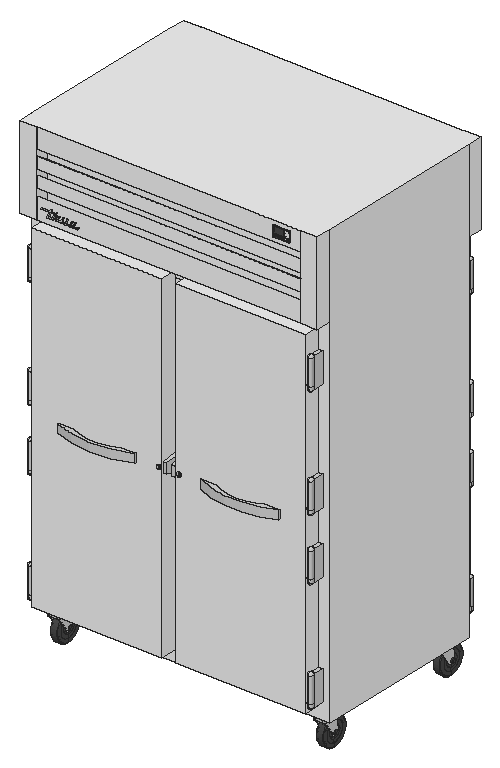
Revit family (continued)
Lines and regions (in)
  symbolic lines
    curve 29: arc (9.29375, 0, 0) -> (13.69375, 1.15816, 0) -> (18.09375, 0, 0) r 8.93715
    curve 30: arc (32.2875, 0.2, 0) -> (39.0875, 1.64405, 0) -> (45.8875, 0.2, 0) r 16.7325
    curve 31: line (32.2875, 0, 0) -> (32.2875, 0.2, 0)
    curve 32: line (45.8875, 0.2, 0) -> (45.8875, 0, 0)
    curve 33: arc (43.4875, 0, 0) -> (39.0875, 1.15816, 0) -> (34.6875, 0, 0) r 8.93715
    curve 38: arc (20.65, -36.325, 0) -> (13.69375, -37.83316, 0) -> (6.7375, -36.325, 0) r 16.7966
    curve 39: line (20.65, -36.125, 0) -> (20.65, -36.325, 0)
    curve 40: line (6.7375, -36.325, 0) -> (6.7375, -36.125, 0)
    curve 41: arc (9.1375, -36.125, 0) -> (13.69375, -37.36111, 0) -> (18.25, -36.125, 0) r 9.0151
    curve 42: arc (32.225, -36.325, 0) -> (39.12789, -37.76874, 0) -> (46.0125, -36.24022, 0) r 16.7325
    curve 43: line (32.225, -36.125, 0) -> (32.225, -36.325, 0)
    curve 44: line (46.0125, -36.24022, 0) -> (46.0125, -36.125, 0)
    curve 45: arc (43.425, -36.125, 0) -> (39.025, -37.28316, 0) -> (34.625, -36.125, 0) r 8.93715
    curve 46: line (52.625, -2.25, 0) -> (0, -2.25, 0)
  symbolic lines, style "SpecialityEquipmentHiddenLines", visible <- "Show Casters"
    curve 6: line (3.60602, -26.67571, 0) -> (5.06131, -27.42571, 0)
    curve 7: line (1.20097, -31.34243, 0) -> (3.60602, -26.67571, 0)
    curve 8: line (2.65626, -32.09243, 0) -> (1.20097, -31.34243, 0)
    curve 9: line (5.06131, -27.42571, 0) -> (2.65626, -32.09243, 0)
    curve 10: line (3.98222, -3.1708, 0) -> (5.43751, -4.09689, 0)
    curve 11: line (1.20097, -7.54134, 0) -> (3.98222, -3.1708, 0)
    curve 12: line (2.65626, -8.46743, 0) -> (1.20097, -7.54134, 0)
    curve 13: line (5.43751, -4.09689, 0) -> (2.65626, -8.46743, 0)
    curve 14: line (50.00722, -3.1708, 0) -> (51.30626, -3.9208, 0)
    curve 15: line (47.38222, -7.71743, 0) -> (50.00722, -3.1708, 0)
    curve 16: line (48.68126, -8.46743, 0) -> (47.38222, -7.71743, 0)
    curve 17: line (51.30626, -3.9208, 0) -> (48.68126, -8.46743, 0)
    curve 18: line (50.00722, -26.89987, 0) -> (51.30626, -27.64987, 0)
    curve 19: line (47.38222, -31.44651, 0) -> (50.00722, -26.89987, 0)
    curve 20: line (48.68126, -32.19651, 0) -> (47.38222, -31.44651, 0)
    curve 21: line (51.30626, -27.64987, 0) -> (48.68126, -32.19651, 0)
  symbolic lines, style "QF-Door Swings", visible <- "Show Clearance", detail levels coarse
    curve 22: line (50.53125, -36.125, 0) -> (50.53125, -59.0625, 0)
    curve 23: arc (50.53125, -59.0625, 0) -> (34.31199, -52.34426, 0) -> (27.59375, -36.125, 0) r 22.9375
    curve 24: line (2.25, -36.125, 0) -> (2.25, -59.0625, 0)
    curve 25: arc (2.25, -59.0625, 0) -> (18.46926, -52.34426, 0) -> (25.1875, -36.125, 0) r 22.9375
    curve 34: line (50.53125, 0, 0) -> (50.53125, 22.9375, 0)
    curve 35: arc (50.53125, 22.9375, 0) -> (34.31199, 16.21926, 0) -> (27.59375, 0, 0) r 22.9375
    curve 36: line (2.25, 0, 0) -> (2.25, 22.9375, 0)
    curve 37: arc (2.25, 22.9375, 0) -> (18.46926, 16.21926, 0) -> (25.1875, 0, 0) r 22.9375
Dimensions and locks (in)
  "Depth": plane 5 "FRONT" to plane 1 "BACK"
  plane 7 to level = 6 1/8"
  plane 6 "TOP" to level = 84 1/8"
  plane 6 "TOP" to plane 7 = 78"
  "Length": plane 3 "LEFT" to plane 4 "RIGHT"
  plane 4 "RIGHT" to plane 10 to plane 9 to plane 3 "LEFT" = 2 11/16", 46 15/16", 3"
  plane 4 "RIGHT" to plane 3 "LEFT" = 52 5/8"  (x4)
  equal spacing: plane 3 "LEFT", plane 12, plane 4 "RIGHT"
  equal spacing: plane 1 "BACK", plane 14, plane 5 "FRONT"
  cut or joined group of Extrusion 1, Extrusion 2, Extrusion 3, Extrusion 4, Extrusion 5 to cut or joined group of Extrusion 1, Extrusion 2, Extrusion 3, Extrusion 4, Extrusion 5 = 52 15/32"  (x2)
  Extrusion 92 to Extrusion 92 = 22 15/16"  (x2)
  Extrusion 94 to Extrusion 92 = 29 7/32"
  Extrusion 92 to Extrusion 94 = 29 7/32"
  Extrusion 92 to Extrusion 93 = 29 7/32"
  Extrusion 93 to Extrusion 92 = 29 7/32"
  Extrusion 60 to Extrusion 60 = 22 15/16"  (x2)
  Extrusion 60 to Extrusion 88 = 29 7/32"
  Extrusion 88 to Extrusion 60 = 29 7/32"
  Extrusion 60 to Extrusion 89 = 29 7/32"
  Extrusion 89 to Extrusion 60 = 29 7/32"
  aligned and locked: level to plane 2
Automatic sketch dimensions
  Extrusion 1 sketch curve to plane 3 "LEFT" = 0"
  Extrusion 1 sketch curve to plane 9 = 19/32"
  Extrusion 1 sketch curve to plane 5 "FRONT" = 2 3/4"
  plane 1 "BACK" to Extrusion 1 sketch curve = 2 3/4"
  Extrusion 2 sketch curve to plane 4 "RIGHT" = 0"
  plane 10 to Extrusion 2 sketch curve = 7/16"
  Extrusion 2 sketch curve to plane 5 "FRONT" = 2 3/4"
  plane 1 "BACK" to Extrusion 2 sketch curve = 2 3/4"
  Extrusion 3 sketch curve to plane 11 = 0"  (x4)
  Extrusion 3 sketch curve to plane 13 = 0"  (x4)
  Extrusion 3 sketch curve to plane 6 "TOP" = 0"
  plane 11 to Extrusion 3 sketch curve = 2.2042"
  Extrusion 3 sketch curve to Extrusion 3 sketch curve = 0"  (x3)
  Extrusion 3 sketch curve to plane 7 = 0"
  plane 11 to Extrusion 3 sketch curve = 2.7042"  (x2)
  plane 13 to Extrusion 3 sketch curve = 2.7042"  (x2)
  plane 13 to Extrusion 3 sketch curve = 2.2042"  (x2)
  plane 7 to Extrusion 3 sketch curve = 2 29/32"
  Extrusion 3 sketch curve to plane 6 "TOP" = 17 5/32"
  Extrusion 3 sketch curve to Extrusion 3 sketch curve = 2 17/32"  (x2)
  Extrusion 3 sketch curve to Extrusion 3 sketch curve = 2 1/8"  (x2)
  Extrusion 3 sketch curve to Extrusion 3 sketch curve = 1.27557"  (x4)
  Extrusion 3 sketch curve to Extrusion 3 sketch curve = 0.29169"  (x2)
  Extrusion 3 sketch curve to Extrusion 3 sketch curve = 2.0962"  (x4)
  Extrusion 3 sketch curve to Extrusion 3 sketch curve = 0.96076"  (x4)
  Extrusion 3 sketch curve to Extrusion 3 sketch curve = 2.13371"  (x4)
  Extrusion 3 sketch curve to Extrusion 3 sketch curve = 1.12227"  (x4)
  plane 1 "BACK" to Extrusion 4 sketch curve = 0"
  plane 5 "FRONT" to Extrusion 4 sketch curve = 0"
  Extrusion 4 sketch curve to plane 10 = 0.27718"  (x2)
  Extrusion 4 sketch curve to plane 4 "RIGHT" = 5/64"  (x2)
  Extrusion 4 sketch curve to plane 5 "FRONT" = 2 3/4"
  Extrusion 4 sketch curve to Extrusion 4 sketch curve = 2 3/4"
  plane 1 "BACK" to Extrusion 5 sketch curve = 0"
  plane 5 "FRONT" to Extrusion 5 sketch curve = 0"
  plane 3 "LEFT" to Extrusion 5 sketch curve = 5/64"  (x2)
  plane 9 to Extrusion 5 sketch curve = 0.08484"  (x2)
  Extrusion 5 sketch curve to plane 5 "FRONT" = 2 3/4"
  Extrusion 5 sketch curve to Extrusion 5 sketch curve = 2 3/4"
  Extrusion 6 sketch curve to plane 12 = 1 181/256"
  Extrusion 6 sketch curve to Extrusion 6 sketch curve = 9/256"
  Extrusion 6 sketch curve to Extrusion 6 sketch curve = 0.0555"  (x2)
  Extrusion 6 sketch curve to plane 8 = 1.85465"
  Extrusion 6 sketch curve to Extrusion 6 sketch curve = 0.02035"
  plane 7 to Extrusion 6 sketch curve = 31.64395"
  Extrusion 6 sketch curve to Extrusion 6 sketch curve = 0"
  Extrusion 6 sketch curve to Extrusion 6 sketch curve = 0.29355"  (x2)
  Extrusion 6 sketch curve to Extrusion 6 sketch curve = 0.27385"  (x2)
  plane 9 to Extrusion 7 sketch curve = 0.84582"
  Extrusion 7 sketch curve to Extrusion 7 sketch curve = 0.10565"  (x5)
  Extrusion 7 sketch curve to Extrusion 7 sketch curve = 1.03891"
  Extrusion 7 sketch curve to Extrusion 7 sketch curve = 0.04606"
  Extrusion 7 sketch curve to Extrusion 7 sketch curve = 0.04025"
  Extrusion 7 sketch curve to Extrusion 7 sketch curve = 0.33624"
  Extrusion 7 sketch curve to Extrusion 7 sketch curve = 0.03034"  (x2)
  Extrusion 7 sketch curve to Extrusion 7 sketch curve = 0.29274"
  Extrusion 7 sketch curve to Extrusion 7 sketch curve = 0.03232"
  Extrusion 7 sketch curve to Extrusion 7 sketch curve = 0.08083"
  Extrusion 7 sketch curve to Extrusion 7 sketch curve = 0.1527"
  Extrusion 7 sketch curve to Extrusion 7 sketch curve = 0.19721"
  Extrusion 7 sketch curve to Extrusion 7 sketch curve = 0.4629"
  Extrusion 7 sketch curve to Extrusion 7 sketch curve = 0.02197"
  Extrusion 7 sketch curve to Extrusion 7 sketch curve = 0.12632"
  Extrusion 7 sketch curve to Extrusion 7 sketch curve = 0.18591"
  Extrusion 7 sketch curve to Extrusion 7 sketch curve = 0.2322"
  Extrusion 7 sketch curve to Extrusion 7 sketch curve = 0.13786"
  Extrusion 7 sketch curve to Extrusion 7 sketch curve = 0.00907"
  Extrusion 7 sketch curve to Extrusion 7 sketch curve = 0.01413"
  Extrusion 7 sketch curve to Extrusion 7 sketch curve = 0.37162"
  Extrusion 7 sketch curve to Extrusion 7 sketch curve = 0.12551"
  Extrusion 7 sketch curve to Extrusion 7 sketch curve = 0.07633"
  Extrusion 7 sketch curve to Extrusion 7 sketch curve = 0.08445"
  Extrusion 7 sketch curve to Extrusion 7 sketch curve = 0.25598"
  Extrusion 7 sketch curve to Extrusion 7 sketch curve = 0.01887"
  Extrusion 7 sketch curve to Extrusion 7 sketch curve = 0.04061"
  Extrusion 7 sketch curve to Extrusion 7 sketch curve = 0.0653"
  Extrusion 7 sketch curve to Extrusion 7 sketch curve = 0.08474"
  Extrusion 7 sketch curve to Extrusion 7 sketch curve = 0.00815"
  Extrusion 7 sketch curve to Extrusion 7 sketch curve = 0.22037"
  Extrusion 7 sketch curve to Extrusion 7 sketch curve = 0.21921"
  Extrusion 7 sketch curve to Extrusion 7 sketch curve = 0.11572"
  Extrusion 7 sketch curve to Extrusion 7 sketch curve = 0.46643"
  Extrusion 7 sketch curve to Extrusion 7 sketch curve = 0.00535"
  Extrusion 7 sketch curve to Extrusion 7 sketch curve = 0.09269"
  Extrusion 7 sketch curve to Extrusion 7 sketch curve = 0.09348"
  Extrusion 7 sketch curve to Extrusion 7 sketch curve = 0.14812"
  Extrusion 7 sketch curve to Extrusion 7 sketch curve = 0.07778"  (x3)
  Extrusion 7 sketch curve to Extrusion 7 sketch curve = 0.20054"
  Extrusion 7 sketch curve to Extrusion 7 sketch curve = 0.04325"
  Extrusion 7 sketch curve to Extrusion 7 sketch curve = 0.32433"
  Extrusion 7 sketch curve to Extrusion 7 sketch curve = 0.10233"  (x2)
  Extrusion 7 sketch curve to Extrusion 7 sketch curve = 0.16515"
  Extrusion 7 sketch curve to Extrusion 7 sketch curve = 0.27321"
  Extrusion 7 sketch curve to Extrusion 7 sketch curve = 0.0526"
  Extrusion 7 sketch curve to Extrusion 7 sketch curve = 0.10005"
  Extrusion 7 sketch curve to Extrusion 7 sketch curve = 0.06912"
  Extrusion 7 sketch curve to Extrusion 7 sketch curve = 0.13276"
  Extrusion 7 sketch curve to Extrusion 7 sketch curve = 0.17486"
  Extrusion 7 sketch curve to Extrusion 7 sketch curve = 0.05291"
  Extrusion 7 sketch curve to Extrusion 7 sketch curve = 0.53374"
  Extrusion 7 sketch curve to Extrusion 7 sketch curve = 0.09914"  (x2)
  Extrusion 7 sketch curve to Extrusion 7 sketch curve = 0.15992"
  Extrusion 7 sketch curve to Extrusion 7 sketch curve = 0.46666"
  Extrusion 7 sketch curve to Extrusion 7 sketch curve = 0.00582"
  Extrusion 7 sketch curve to Extrusion 7 sketch curve = 0.08216"
  Extrusion 7 sketch curve to Extrusion 7 sketch curve = 0.16397"
  Extrusion 7 sketch curve to Extrusion 7 sketch curve = 0.12601"
  Extrusion 7 sketch curve to Extrusion 7 sketch curve = 0.1363"
  Extrusion 7 sketch curve to Extrusion 7 sketch curve = 0.02323"
  Extrusion 7 sketch curve to Extrusion 7 sketch curve = 0.03844"
  Extrusion 7 sketch curve to Extrusion 7 sketch curve = 0.0454"
  Extrusion 7 sketch curve to Extrusion 7 sketch curve = 0.05693"
  Extrusion 7 sketch curve to Extrusion 7 sketch curve = 0.0917"
  Extrusion 7 sketch curve to Extrusion 7 sketch curve = 0.01902"
  Extrusion 7 sketch curve to Extrusion 7 sketch curve = 0.02191"
  Extrusion 7 sketch curve to Extrusion 7 sketch curve = 0.0347"
  Extrusion 7 sketch curve to Extrusion 7 sketch curve = 0.06385"
  Extrusion 7 sketch curve to Extrusion 7 sketch curve = 0.02906"
  Extrusion 7 sketch curve to Extrusion 7 sketch curve = 0.02851"
  Extrusion 7 sketch curve to Extrusion 7 sketch curve = 0.29237"
  Extrusion 7 sketch curve to Extrusion 7 sketch curve = 0.00537"
  Extrusion 7 sketch curve to Extrusion 7 sketch curve = 0.0406"
  Extrusion 7 sketch curve to Extrusion 7 sketch curve = 0.04327"
  Extrusion 7 sketch curve to Extrusion 7 sketch curve = 0.02615"
  Extrusion 7 sketch curve to Extrusion 7 sketch curve = 0.11806"
  Extrusion 7 sketch curve to Extrusion 7 sketch curve = 0.15103"
  Extrusion 7 sketch curve to Extrusion 7 sketch curve = 0.10007"
  Extrusion 7 sketch curve to Extrusion 7 sketch curve = 0.5254"
  Extrusion 7 sketch curve to Extrusion 7 sketch curve = 0.14787"
  Extrusion 7 sketch curve to plane 6 "TOP" = 13.64562"
  Extrusion 7 sketch curve to Extrusion 7 sketch curve = 0.07275"
  Extrusion 7 sketch curve to Extrusion 7 sketch curve = 0.05776"
  Extrusion 7 sketch curve to Extrusion 7 sketch curve = 0.08631"
  Extrusion 7 sketch curve to Extrusion 7 sketch curve = 0.09282"
  Extrusion 7 sketch curve to Extrusion 7 sketch curve = 0.13018"
  Extrusion 7 sketch curve to Extrusion 7 sketch curve = 0.16714"
  Extrusion 7 sketch curve to Extrusion 7 sketch curve = 0.11061"
  Extrusion 7 sketch curve to Extrusion 7 sketch curve = 0.06046"
  Extrusion 7 sketch curve to Extrusion 7 sketch curve = 0.16548"
  Extrusion 7 sketch curve to Extrusion 7 sketch curve = 0.14279"
  Extrusion 7 sketch curve to Extrusion 7 sketch curve = 0.0496"
  Extrusion 7 sketch curve to Extrusion 7 sketch curve = 0.07293"
  Extrusion 7 sketch curve to Extrusion 7 sketch curve = 0.07764"
  Extrusion 7 sketch curve to Extrusion 7 sketch curve = 0.03794"
  Extrusion 7 sketch curve to Extrusion 7 sketch curve = 0.08552"
  Extrusion 7 sketch curve to Extrusion 7 sketch curve = 0.09296"
  Extrusion 7 sketch curve to Extrusion 7 sketch curve = 0.09314"
  Extrusion 7 sketch curve to Extrusion 7 sketch curve = 0.02781"
  Extrusion 7 sketch curve to Extrusion 7 sketch curve = 0.04981"
  Extrusion 7 sketch curve to Extrusion 7 sketch curve = 0.09315"
  Extrusion 7 sketch curve to Extrusion 7 sketch curve = 0.04799"
  Extrusion 7 sketch curve to Extrusion 7 sketch curve = 0.02531"
  Extrusion 7 sketch curve to Extrusion 7 sketch curve = 0.03054"
  Extrusion 7 sketch curve to Extrusion 7 sketch curve = 0.2589"
  Extrusion 7 sketch curve to Extrusion 7 sketch curve = 0.0674"
  Extrusion 7 sketch curve to Extrusion 7 sketch curve = 0.0324"
  Extrusion 7 sketch curve to Extrusion 7 sketch curve = 0.26185"
  Extrusion 7 sketch curve to Extrusion 7 sketch curve = 11/256"
  Extrusion 7 sketch curve to Extrusion 7 sketch curve = 0.07366"
  Extrusion 7 sketch curve to Extrusion 7 sketch curve = 0.02187"
  Extrusion 7 sketch curve to Extrusion 7 sketch curve = 0.06479"
  Extrusion 7 sketch curve to Extrusion 7 sketch curve = 0.01183"
  Extrusion 7 sketch curve to Extrusion 7 sketch curve = 0.05778"
  Extrusion 7 sketch curve to Extrusion 7 sketch curve = 0.53375"
  Extrusion 7 sketch curve to Extrusion 7 sketch curve = 0.23098"
  Extrusion 7 sketch curve to Extrusion 7 sketch curve = 0"
  Extrusion 7 sketch curve to Extrusion 7 sketch curve = 0.05045"
  Extrusion 7 sketch curve to Extrusion 7 sketch curve = 0.09139"
  Extrusion 7 sketch curve to Extrusion 7 sketch curve = 29/128"  (x3)
  Extrusion 8 sketch curve to plane 10 = 13/32"
  Extrusion 8 sketch curve to plane 6 "TOP" = 2 1/8"
  Blend 9 sketch curve to plane 12 = 1 1/8"  (x2)
  Blend 9 sketch curve to plane 12 = 3/8"
  plane 7 to Blend 9 sketch curve = 31.11669"
  Blend 9 sketch curve to Blend 9 sketch curve = 1 3/4"
  Blend 9 sketch curve to plane 12 = 0.19277"
  plane 7 to Blend 9 sketch curve = 30.5191"
  Blend 9 sketch curve to Blend 9 sketch curve = 2.78233"
  Blend 10 sketch curve to plane 8 = 1 9/32"
  Blend 10 sketch curve to plane 8 = 17/32"
  plane 7 to Blend 10 sketch curve = 32.86669"
  Blend 10 sketch curve to Blend 10 sketch curve = 1 3/4"
  plane 8 to Blend 10 sketch curve = 1 9/32"
  plane 8 to Blend 10 sketch curve = 0.34902"
  Blend 10 sketch curve to plane 7 = 30.5191"
  Blend 10 sketch curve to Blend 10 sketch curve = 2.78233"
  Extrusion 11 sketch curve to plane 5 "FRONT" = 1/2"
  Extrusion 11 sketch curve to Extrusion 11 sketch curve = 0.43503"
  Extrusion 11 sketch curve to Extrusion 11 sketch curve = 0.20453"
  Extrusion 11 sketch curve to Extrusion 11 sketch curve = 1.61044"
  Extrusion 11 sketch curve to plane 6 "TOP" = 24.88873"
  Extrusion 11 sketch curve to Extrusion 11 sketch curve = 0.71221"
  Extrusion 11 sketch curve to Extrusion 11 sketch curve = 4.39928"
  Revolve 12 sketch curve to plane 5 "FRONT" = 0.07771"  (x2)
  Revolve 12 sketch curve to Revolve 12 sketch curve = 0.38242"
  Revolve 12 sketch curve to Revolve 12 sketch curve = 0.38436"
  Revolve 12 sketch curve to plane 5 "FRONT" = 31/64"
  Revolve 12 sketch curve to Revolve 12 sketch curve = 0.40666"
  Revolve 12 sketch curve to Revolve 12 sketch curve = 0"
  Revolve 12 sketch curve to plane 6 "TOP" = 25.07719"
  Revolve 12 sketch curve to Revolve 12 sketch curve = 0.32931"
  Revolve 12 sketch curve to Revolve 12 sketch curve = 0.51246"
  Revolve 12 sketch curve to Revolve 12 sketch curve = 0.05342"
  Revolve 12 sketch curve to Revolve 12 sketch curve = 4.42889"
  Revolve 12 sketch curve to Revolve 12 sketch curve = 0.04281"
  Revolve 12 sketch curve to Revolve 12 sketch curve = 0.18929"
  Revolve 12 sketch curve to Revolve 12 sketch curve = 0.55526"
  Extrusion 13 sketch curve to plane 9 = 1.14759"
  Extrusion 13 sketch curve to Extrusion 13 sketch curve = 0.39759"
  Extrusion 13 sketch curve to plane 6 "TOP" = 24.12421"
  Extrusion 13 sketch curve to Extrusion 13 sketch curve = 4.47281"
  Extrusion 14 sketch curve to plane 5 "FRONT" = 1/2"
  Extrusion 14 sketch curve to Extrusion 14 sketch curve = 0.43503"
  Extrusion 14 sketch curve to Extrusion 14 sketch curve = 0.20453"
  Extrusion 14 sketch curve to Extrusion 14 sketch curve = 1.61044"
  plane 7 to Extrusion 14 sketch curve = 33.61127"
  Extrusion 14 sketch curve to Extrusion 14 sketch curve = 0.71221"
  Extrusion 14 sketch curve to Extrusion 14 sketch curve = 4.39928"
  Revolve 15 sketch curve to plane 5 "FRONT" = 0.07771"  (x2)
  Revolve 15 sketch curve to Revolve 15 sketch curve = 0.38242"
  Revolve 15 sketch curve to Revolve 15 sketch curve = 0.38436"
  Revolve 15 sketch curve to plane 5 "FRONT" = 31/64"
  Revolve 15 sketch curve to Revolve 15 sketch curve = 0.40666"
  Revolve 15 sketch curve to Revolve 15 sketch curve = 0"
  plane 7 to Revolve 15 sketch curve = 33.42281"
  Revolve 15 sketch curve to Revolve 15 sketch curve = 0.32931"
  Revolve 15 sketch curve to Revolve 15 sketch curve = 0.51246"
  Revolve 15 sketch curve to Revolve 15 sketch curve = 0.05342"
  Revolve 15 sketch curve to Revolve 15 sketch curve = 4.42889"
  Revolve 15 sketch curve to Revolve 15 sketch curve = 0.04281"
  Revolve 15 sketch curve to Revolve 15 sketch curve = 0.18929"
  Revolve 15 sketch curve to Revolve 15 sketch curve = 0.55526"
  Extrusion 16 sketch curve to plane 9 = 1.14759"
  Extrusion 16 sketch curve to Extrusion 16 sketch curve = 0.39759"
  plane 7 to Extrusion 16 sketch curve = 34.37579"
  Extrusion 16 sketch curve to Extrusion 16 sketch curve = 4.47281"
  Extrusion 17 sketch curve to plane 5 "FRONT" = 1/2"
  Extrusion 17 sketch curve to Extrusion 17 sketch curve = 0.43503"
  Extrusion 17 sketch curve to Extrusion 17 sketch curve = 0.20453"
  Extrusion 17 sketch curve to Extrusion 17 sketch curve = 1.61044"
  plane 7 to Extrusion 17 sketch curve = 22.61127"
  Extrusion 17 sketch curve to Extrusion 17 sketch curve = 0.71221"
  Extrusion 17 sketch curve to Extrusion 17 sketch curve = 4.39928"
  Revolve 18 sketch curve to plane 5 "FRONT" = 0.07771"  (x2)
  Revolve 18 sketch curve to Revolve 18 sketch curve = 0.38242"
  Revolve 18 sketch curve to Revolve 18 sketch curve = 0.38436"
  Revolve 18 sketch curve to plane 5 "FRONT" = 31/64"
  Revolve 18 sketch curve to Revolve 18 sketch curve = 0.40666"
  Revolve 18 sketch curve to Revolve 18 sketch curve = 0"
  plane 7 to Revolve 18 sketch curve = 22.42281"
  Revolve 18 sketch curve to Revolve 18 sketch curve = 0.32931"
  Revolve 18 sketch curve to Revolve 18 sketch curve = 0.51246"
  Revolve 18 sketch curve to Revolve 18 sketch curve = 0.05342"
  Revolve 18 sketch curve to Revolve 18 sketch curve = 4.42889"
  Revolve 18 sketch curve to Revolve 18 sketch curve = 0.04281"
  Revolve 18 sketch curve to Revolve 18 sketch curve = 0.18929"
  Revolve 18 sketch curve to Revolve 18 sketch curve = 0.55526"
  Extrusion 19 sketch curve to plane 9 = 1.14759"
  Extrusion 19 sketch curve to Extrusion 19 sketch curve = 0.39759"
  plane 7 to Extrusion 19 sketch curve = 23.37579"
  Extrusion 19 sketch curve to Extrusion 19 sketch curve = 4.47281"
  Extrusion 20 sketch curve to plane 5 "FRONT" = 1/2"
  Extrusion 20 sketch curve to Extrusion 20 sketch curve = 0.43503"
  Extrusion 20 sketch curve to Extrusion 20 sketch curve = 0.20453"
  Extrusion 20 sketch curve to Extrusion 20 sketch curve = 1.61044"
  plane 7 to Extrusion 20 sketch curve = 2.86127"
  Extrusion 20 sketch curve to Extrusion 20 sketch curve = 0.71221"
  Extrusion 20 sketch curve to Extrusion 20 sketch curve = 4.39928"
  Revolve 21 sketch curve to plane 5 "FRONT" = 0.07771"  (x2)
  Revolve 21 sketch curve to Revolve 21 sketch curve = 0.38242"
  Revolve 21 sketch curve to Revolve 21 sketch curve = 0.38436"
  Revolve 21 sketch curve to plane 5 "FRONT" = 31/64"
  Revolve 21 sketch curve to Revolve 21 sketch curve = 0.40666"
  Revolve 21 sketch curve to Revolve 21 sketch curve = 0"
  plane 7 to Revolve 21 sketch curve = 2.67281"
  Revolve 21 sketch curve to Revolve 21 sketch curve = 0.32931"
  Revolve 21 sketch curve to Revolve 21 sketch curve = 0.51246"
  Revolve 21 sketch curve to Revolve 21 sketch curve = 0.05342"
  Revolve 21 sketch curve to Revolve 21 sketch curve = 4.42889"
  Revolve 21 sketch curve to Revolve 21 sketch curve = 0.04281"
  Revolve 21 sketch curve to Revolve 21 sketch curve = 0.18929"
  Revolve 21 sketch curve to Revolve 21 sketch curve = 0.55526"
  Extrusion 22 sketch curve to plane 9 = 1.14759"
  Extrusion 22 sketch curve to Extrusion 22 sketch curve = 0.39759"
  plane 7 to Extrusion 22 sketch curve = 3.62579"
  Extrusion 22 sketch curve to Extrusion 22 sketch curve = 4.47281"
  Extrusion 23 sketch curve to plane 5 "FRONT" = 1/2"
  Extrusion 23 sketch curve to Extrusion 23 sketch curve = 0.43503"
  Extrusion 23 sketch curve to Extrusion 23 sketch curve = 0.20453"
  Extrusion 23 sketch curve to Extrusion 23 sketch curve = 1.61044"
  Extrusion 23 sketch curve to plane 6 "TOP" = 19.57271"
  Extrusion 23 sketch curve to Extrusion 23 sketch curve = 4.39928"
  Extrusion 23 sketch curve to Extrusion 23 sketch curve = 0.71221"
  Revolve 24 sketch curve to plane 5 "FRONT" = 0.07771"  (x2)
  Revolve 24 sketch curve to Revolve 24 sketch curve = 0.38242"
  Revolve 24 sketch curve to Revolve 24 sketch curve = 0.38436"
  Revolve 24 sketch curve to plane 5 "FRONT" = 31/64"
  Revolve 24 sketch curve to Revolve 24 sketch curve = 0.40666"
  Revolve 24 sketch curve to Revolve 24 sketch curve = 0"
  Revolve 24 sketch curve to plane 6 "TOP" = 18.75492"
  Revolve 24 sketch curve to Revolve 24 sketch curve = 0.55526"
  Revolve 24 sketch curve to Revolve 24 sketch curve = 0.19474"
  Revolve 24 sketch curve to Revolve 24 sketch curve = 0.14649"
  Revolve 24 sketch curve to Revolve 24 sketch curve = 4.42889"
  Revolve 24 sketch curve to Revolve 24 sketch curve = 0.05342"
  Revolve 24 sketch curve to Revolve 24 sketch curve = 0.51246"
  Revolve 24 sketch curve to Revolve 24 sketch curve = 0.05889"
  plane 10 to Extrusion 25 sketch curve = 1.14759"
  Extrusion 25 sketch curve to Extrusion 25 sketch curve = 0.39759"
  Extrusion 25 sketch curve to plane 6 "TOP" = 19.6514"
  Extrusion 25 sketch curve to Extrusion 25 sketch curve = 4.47281"
  Extrusion 26 sketch curve to plane 5 "FRONT" = 1/2"
  Extrusion 26 sketch curve to Extrusion 26 sketch curve = 0.43503"
  Extrusion 26 sketch curve to Extrusion 26 sketch curve = 0.20453"
  Extrusion 26 sketch curve to Extrusion 26 sketch curve = 1.61044"
  plane 7 to Extrusion 26 sketch curve = 38.92729"
  Extrusion 26 sketch curve to Extrusion 26 sketch curve = 4.39928"
  Extrusion 26 sketch curve to Extrusion 26 sketch curve = 0.71221"
  Revolve 27 sketch curve to plane 5 "FRONT" = 0.07771"  (x2)
  Revolve 27 sketch curve to Revolve 27 sketch curve = 0.38242"
  Revolve 27 sketch curve to Revolve 27 sketch curve = 0.38436"
  Revolve 27 sketch curve to plane 5 "FRONT" = 31/64"
  Revolve 27 sketch curve to Revolve 27 sketch curve = 0.40666"
  Revolve 27 sketch curve to Revolve 27 sketch curve = 0"
  Revolve 27 sketch curve to plane 6 "TOP" = 38.25492"
  Revolve 27 sketch curve to Revolve 27 sketch curve = 0.55526"
  Revolve 27 sketch curve to Revolve 27 sketch curve = 0.19474"
  Revolve 27 sketch curve to Revolve 27 sketch curve = 0.14649"
  Revolve 27 sketch curve to Revolve 27 sketch curve = 4.42889"
  Revolve 27 sketch curve to Revolve 27 sketch curve = 0.05342"
  Revolve 27 sketch curve to Revolve 27 sketch curve = 0.51246"
  Revolve 27 sketch curve to Revolve 27 sketch curve = 0.05889"
  plane 10 to Extrusion 28 sketch curve = 1.14759"
  Extrusion 28 sketch curve to Extrusion 28 sketch curve = 0.39759"
  plane 7 to Extrusion 28 sketch curve = 38.8486"
  Extrusion 28 sketch curve to Extrusion 28 sketch curve = 4.47281"
  Extrusion 29 sketch curve to plane 5 "FRONT" = 1/2"
  Extrusion 29 sketch curve to Extrusion 29 sketch curve = 0.43503"
  Extrusion 29 sketch curve to Extrusion 29 sketch curve = 0.20453"
  Extrusion 29 sketch curve to Extrusion 29 sketch curve = 1.61044"
  plane 7 to Extrusion 29 sketch curve = 27.92729"
  Extrusion 29 sketch curve to Extrusion 29 sketch curve = 4.39928"
  Extrusion 29 sketch curve to Extrusion 29 sketch curve = 0.71221"
  Revolve 30 sketch curve to plane 5 "FRONT" = 0.07771"  (x2)
  Revolve 30 sketch curve to Revolve 30 sketch curve = 0.38242"
  Revolve 30 sketch curve to Revolve 30 sketch curve = 0.38436"
  Revolve 30 sketch curve to plane 5 "FRONT" = 31/64"
  Revolve 30 sketch curve to Revolve 30 sketch curve = 0.40666"
  Revolve 30 sketch curve to Revolve 30 sketch curve = 0"
  plane 7 to Revolve 30 sketch curve = 28.74508"
  Revolve 30 sketch curve to Revolve 30 sketch curve = 0.55526"
  Revolve 30 sketch curve to Revolve 30 sketch curve = 0.19474"
  Revolve 30 sketch curve to Revolve 30 sketch curve = 0.14649"
  Revolve 30 sketch curve to Revolve 30 sketch curve = 4.42889"
  Revolve 30 sketch curve to Revolve 30 sketch curve = 0.05342"
  Revolve 30 sketch curve to Revolve 30 sketch curve = 0.51246"
  Revolve 30 sketch curve to Revolve 30 sketch curve = 0.05889"
  plane 10 to Extrusion 31 sketch curve = 1.14759"
  Extrusion 31 sketch curve to Extrusion 31 sketch curve = 0.39759"
  plane 7 to Extrusion 31 sketch curve = 27.8486"
  Extrusion 31 sketch curve to Extrusion 31 sketch curve = 4.47281"
  Extrusion 32 sketch curve to plane 5 "FRONT" = 1/2"
  Extrusion 32 sketch curve to Extrusion 32 sketch curve = 0.43503"
  Extrusion 32 sketch curve to Extrusion 32 sketch curve = 0.20453"
  Extrusion 32 sketch curve to Extrusion 32 sketch curve = 1.61044"
  plane 7 to Extrusion 32 sketch curve = 8.17729"
  plane 7 to Extrusion 32 sketch curve = 3.57348"
  Extrusion 32 sketch curve to Extrusion 32 sketch curve = 0.71221"
  Revolve 33 sketch curve to plane 5 "FRONT" = 0.07771"  (x2)
  Revolve 33 sketch curve to Revolve 33 sketch curve = 0.38242"
  Revolve 33 sketch curve to Revolve 33 sketch curve = 0.38436"
  Revolve 33 sketch curve to plane 5 "FRONT" = 31/64"
  Revolve 33 sketch curve to Revolve 33 sketch curve = 0.40666"
  Revolve 33 sketch curve to Revolve 33 sketch curve = 0"
  plane 7 to Revolve 33 sketch curve = 8.99508"
  Revolve 33 sketch curve to Revolve 33 sketch curve = 0.55526"
  Revolve 33 sketch curve to Revolve 33 sketch curve = 0.19474"
  Revolve 33 sketch curve to Revolve 33 sketch curve = 0.14649"
  plane 7 to Revolve 33 sketch curve = 3.62689"
  Revolve 33 sketch curve to Revolve 33 sketch curve = 0.05342"
  Revolve 33 sketch curve to Revolve 33 sketch curve = 0.51246"
  Revolve 33 sketch curve to Revolve 33 sketch curve = 0.05889"
  plane 10 to Extrusion 34 sketch curve = 1.14759"
  Extrusion 34 sketch curve to Extrusion 34 sketch curve = 0.39759"
  plane 7 to Extrusion 34 sketch curve = 8.0986"
  plane 7 to Extrusion 34 sketch curve = 3.62579"
  Revolve 35 sketch curve to plane 10 = 1.50773"
  Revolve 35 sketch curve to Revolve 35 sketch curve = 0.48273"
  Revolve 35 sketch curve to plane 10 = 5/8"  (x2)
  Revolve 35 sketch curve to Revolve 35 sketch curve = 0.1"  (x2)
  Revolve 35 sketch curve to Revolve 35 sketch curve = 0.16101"
  plane 10 to Revolve 35 sketch curve = 0.12908"
  plane 10 to Revolve 35 sketch curve = 0.46399"
  plane 10 to Revolve 35 sketch curve = 0.525"
  Revolve 35 sketch curve to Revolve 35 sketch curve = 1/2"
  Revolve 35 sketch curve to Revolve 35 sketch curve = 0.16509"
  Revolve 35 sketch curve to Revolve 35 sketch curve = 0.39592"
  level to Revolve 35 sketch curve = 2 1/2"
  Revolve 35 sketch curve to Revolve 35 sketch curve = 0"
  Revolve 35 sketch curve to Revolve 35 sketch curve = 0.29941"  (x2)
  Revolve 35 sketch curve to Revolve 35 sketch curve = 3/4"  (x4)
  Revolve 35 sketch curve to Revolve 35 sketch curve = 0.59652"
  Revolve 35 sketch curve to Revolve 35 sketch curve = 0.60059"
  Extrusion 36 sketch curve to plane 7 = 0.63926"  (x2)
  Extrusion 36 sketch curve to plane 5 "FRONT" = 3.79864"
  Extrusion 36 sketch curve to Extrusion 36 sketch curve = 1/4"  (x2)
  level to Extrusion 36 sketch curve = 2.18736"  (x2)
  Extrusion 36 sketch curve to Extrusion 36 sketch curve = 1.7492"
  Extrusion 36 sketch curve to Extrusion 36 sketch curve = 0.50669"  (x2)
  Extrusion 36 sketch curve to Extrusion 36 sketch curve = 2 1/2"
  level to Extrusion 36 sketch curve = 2.59003"
  Extrusion 36 sketch curve to Extrusion 36 sketch curve = 0.59966"  (x2)
  plane 1 "BACK" to Extrusion 36 sketch curve = 6.6077"
  plane 1 "BACK" to Extrusion 36 sketch curve = 4.6085"
  plane 1 "BACK" to Extrusion 36 sketch curve = 3.8577"
  Extrusion 36 sketch curve to Extrusion 36 sketch curve = 0.32905"
  Extrusion 36 sketch curve to Extrusion 36 sketch curve = 0.60485"  (x2)
  Extrusion 37 sketch curve to plane 7 = 0.63926"  (x2)
  Extrusion 37 sketch curve to plane 5 "FRONT" = 3.79864"
  Extrusion 37 sketch curve to Extrusion 37 sketch curve = 1/4"  (x2)
  level to Extrusion 37 sketch curve = 2.18736"  (x2)
  Extrusion 37 sketch curve to Extrusion 37 sketch curve = 1.7492"
  Extrusion 37 sketch curve to Extrusion 37 sketch curve = 0.50669"  (x2)
  Extrusion 37 sketch curve to Extrusion 37 sketch curve = 2 1/2"
  level to Extrusion 37 sketch curve = 2.59003"
  Extrusion 37 sketch curve to Extrusion 37 sketch curve = 0.59966"  (x2)
  plane 1 "BACK" to Extrusion 37 sketch curve = 6.6077"
  plane 1 "BACK" to Extrusion 37 sketch curve = 4.6085"
  plane 1 "BACK" to Extrusion 37 sketch curve = 3.8577"
  Extrusion 37 sketch curve to Extrusion 37 sketch curve = 0.32905"
  Extrusion 37 sketch curve to Extrusion 37 sketch curve = 0.60485"  (x2)
  Revolve 38 sketch curve to plane 10 = 0"  (x2)
  Revolve 38 sketch curve to plane 7 = 0.62954"
  Revolve 38 sketch curve to plane 10 = 1.29707"
  Revolve 38 sketch curve to Revolve 38 sketch curve = 0.10278"
  Revolve 38 sketch curve to plane 7 = 0.00141"
  plane 7 to Revolve 38 sketch curve = 0.26768"
  Revolve 39 sketch curve to level = 0"
  Revolve 39 sketch curve to plane 10 = 0"  (x2)
  Revolve 39 sketch curve to plane 10 = 1/2"
  Revolve 39 sketch curve to Revolve 39 sketch curve = 1/4"
  Revolve 39 sketch curve to plane 7 = 0"
  Revolve 39 sketch curve to Revolve 39 sketch curve = 1.33338"
  level to Revolve 39 sketch curve = 1"
  Revolve 39 sketch curve to Revolve 39 sketch curve = 5/8"
  plane 7 to Revolve 39 sketch curve = 1 25/32"
  Revolve 40 sketch curve to level = 0"
  Revolve 40 sketch curve to plane 10 = 0"  (x2)
  Revolve 40 sketch curve to plane 10 = 1/2"
  Revolve 40 sketch curve to Revolve 40 sketch curve = 1/4"
  Revolve 40 sketch curve to plane 7 = 0"
  Revolve 40 sketch curve to Revolve 40 sketch curve = 1.33338"
  level to Revolve 40 sketch curve = 1"
  Revolve 40 sketch curve to Revolve 40 sketch curve = 5/8"
  plane 7 to Revolve 40 sketch curve = 1 25/32"
  Revolve 41 sketch curve to plane 10 = 0"  (x2)
  Revolve 41 sketch curve to plane 7 = 0.62954"
  Revolve 41 sketch curve to plane 10 = 1.29707"
  Revolve 41 sketch curve to Revolve 41 sketch curve = 0.10278"
  Revolve 41 sketch curve to plane 7 = 0.00141"
  plane 7 to Revolve 41 sketch curve = 0.26768"
  Extrusion 42 sketch curve to plane 7 = 0.63926"  (x2)
  Extrusion 42 sketch curve to plane 5 "FRONT" = 3.79864"
  Extrusion 42 sketch curve to Extrusion 42 sketch curve = 1/4"  (x2)
  Extrusion 42 sketch curve to Extrusion 42 sketch curve = 2 1/2"
  Extrusion 42 sketch curve to plane 7 = 0.93273"  (x2)
  Extrusion 42 sketch curve to Extrusion 42 sketch curve = 0.03603"
  plane 1 "BACK" to Extrusion 42 sketch curve = 6.6077"
  Extrusion 42 sketch curve to plane 7 = 1.24411"
  plane 1 "BACK" to Extrusion 42 sketch curve = 3.8577"
  Revolve 43 sketch curve to plane 10 = 1.50773"
  Revolve 43 sketch curve to Revolve 43 sketch curve = 0.48273"
  Revolve 43 sketch curve to plane 10 = 5/8"  (x2)
  Revolve 43 sketch curve to Revolve 43 sketch curve = 0.1"  (x2)
  Revolve 43 sketch curve to Revolve 43 sketch curve = 0.16101"
  plane 10 to Revolve 43 sketch curve = 0.12908"
  plane 10 to Revolve 43 sketch curve = 0.46399"
  plane 10 to Revolve 43 sketch curve = 0.525"
  Revolve 43 sketch curve to Revolve 43 sketch curve = 1/2"
  Revolve 43 sketch curve to Revolve 43 sketch curve = 0.16509"
  Revolve 43 sketch curve to Revolve 43 sketch curve = 0.39592"
  level to Revolve 43 sketch curve = 2 1/2"
  Revolve 43 sketch curve to Revolve 43 sketch curve = 0"
  Revolve 43 sketch curve to Revolve 43 sketch curve = 0.29941"  (x2)
  Revolve 43 sketch curve to Revolve 43 sketch curve = 3/4"  (x4)
  Revolve 43 sketch curve to Revolve 43 sketch curve = 0.59652"
  Revolve 43 sketch curve to Revolve 43 sketch curve = 0.60059"
  plane 3 "LEFT" to Revolve 44 sketch curve = 1.33602"
  Revolve 44 sketch curve to Revolve 44 sketch curve = 0.48273"
  Revolve 44 sketch curve to plane 9 = 5/8"  (x2)
  Revolve 44 sketch curve to Revolve 44 sketch curve = 0.1"  (x2)
  Revolve 44 sketch curve to Revolve 44 sketch curve = 0.16101"
  plane 9 to Revolve 44 sketch curve = 0.12908"
  plane 9 to Revolve 44 sketch curve = 0.46399"
  plane 9 to Revolve 44 sketch curve = 0.525"
  Revolve 44 sketch curve to Revolve 44 sketch curve = 1/2"
  Revolve 44 sketch curve to Revolve 44 sketch curve = 0.16509"
  Revolve 44 sketch curve to Revolve 44 sketch curve = 0.39592"
  level to Revolve 44 sketch curve = 2 1/2"
  Revolve 44 sketch curve to Revolve 44 sketch curve = 0"
  Revolve 44 sketch curve to Revolve 44 sketch curve = 0.29941"  (x2)
  Revolve 44 sketch curve to Revolve 44 sketch curve = 3/4"  (x4)
  Revolve 44 sketch curve to Revolve 44 sketch curve = 0.59652"
  Revolve 44 sketch curve to Revolve 44 sketch curve = 0.60059"
  Extrusion 45 sketch curve to plane 7 = 0.63926"  (x2)
  Extrusion 45 sketch curve to plane 5 "FRONT" = 3.79864"
  Extrusion 45 sketch curve to Extrusion 45 sketch curve = 1/4"  (x2)
  level to Extrusion 45 sketch curve = 2.18736"  (x2)
  Extrusion 45 sketch curve to Extrusion 45 sketch curve = 1.7492"
  Extrusion 45 sketch curve to Extrusion 45 sketch curve = 0.50669"  (x2)
  Extrusion 45 sketch curve to Extrusion 45 sketch curve = 2 1/2"
  level to Extrusion 45 sketch curve = 2.59003"
  Extrusion 45 sketch curve to Extrusion 45 sketch curve = 0.59966"  (x2)
  plane 1 "BACK" to Extrusion 45 sketch curve = 6.6077"
  plane 1 "BACK" to Extrusion 45 sketch curve = 4.6085"
  plane 1 "BACK" to Extrusion 45 sketch curve = 3.8577"
  Extrusion 45 sketch curve to Extrusion 45 sketch curve = 0.32905"
  Extrusion 45 sketch curve to Extrusion 45 sketch curve = 0.60485"  (x2)
  Extrusion 46 sketch curve to plane 7 = 0.63926"  (x2)
  Extrusion 46 sketch curve to plane 5 "FRONT" = 3.79864"
  Extrusion 46 sketch curve to Extrusion 46 sketch curve = 1/4"  (x2)
  level to Extrusion 46 sketch curve = 2.18736"  (x2)
  Extrusion 46 sketch curve to Extrusion 46 sketch curve = 1.7492"
  Extrusion 46 sketch curve to Extrusion 46 sketch curve = 0.50669"  (x2)
  Extrusion 46 sketch curve to Extrusion 46 sketch curve = 2 1/2"
  level to Extrusion 46 sketch curve = 2.59003"
  Extrusion 46 sketch curve to Extrusion 46 sketch curve = 0.59966"  (x2)
  plane 1 "BACK" to Extrusion 46 sketch curve = 6.6077"
  plane 1 "BACK" to Extrusion 46 sketch curve = 4.6085"
  plane 1 "BACK" to Extrusion 46 sketch curve = 3.8577"
  Extrusion 46 sketch curve to Extrusion 46 sketch curve = 0.32905"
  Extrusion 46 sketch curve to Extrusion 46 sketch curve = 0.60485"  (x2)
  Revolve 47 sketch curve to plane 9 = 0"  (x2)
  Revolve 47 sketch curve to plane 7 = 0.62954"
  Revolve 47 sketch curve to plane 9 = 1.29707"
  Revolve 47 sketch curve to Revolve 47 sketch curve = 0.10278"
  Revolve 47 sketch curve to plane 7 = 0.00141"
  plane 7 to Revolve 47 sketch curve = 0.26768"
  Revolve 48 sketch curve to level = 0"
  Revolve 48 sketch curve to plane 9 = 0"  (x2)
  Revolve 48 sketch curve to plane 9 = 1/2"
  Revolve 48 sketch curve to Revolve 48 sketch curve = 1/4"
  Revolve 48 sketch curve to plane 7 = 0"
  Revolve 48 sketch curve to plane 9 = 1.33338"
  level to Revolve 48 sketch curve = 1"
  Revolve 48 sketch curve to Revolve 48 sketch curve = 5/8"
  plane 7 to Revolve 48 sketch curve = 1 25/32"
  Revolve 49 sketch curve to level = 0"
  Revolve 49 sketch curve to plane 9 = 0"  (x2)
  Revolve 49 sketch curve to plane 9 = 1/2"
  Revolve 49 sketch curve to Revolve 49 sketch curve = 1/4"
  Revolve 49 sketch curve to plane 7 = 0"
  Revolve 49 sketch curve to plane 9 = 1.33338"
  level to Revolve 49 sketch curve = 1"
  Revolve 49 sketch curve to Revolve 49 sketch curve = 5/8"
  plane 7 to Revolve 49 sketch curve = 1 25/32"
  Revolve 50 sketch curve to plane 9 = 0"  (x2)
  Revolve 50 sketch curve to plane 7 = 0.62954"
  Revolve 50 sketch curve to plane 9 = 1.29707"
  Revolve 50 sketch curve to Revolve 50 sketch curve = 0.10278"
  Revolve 50 sketch curve to plane 7 = 0.00141"
  plane 7 to Revolve 50 sketch curve = 0.26768"
  Extrusion 51 sketch curve to plane 7 = 0.63926"  (x2)
  Extrusion 51 sketch curve to plane 5 "FRONT" = 3.79864"
  Extrusion 51 sketch curve to Extrusion 51 sketch curve = 1/4"  (x2)
  Extrusion 51 sketch curve to Extrusion 51 sketch curve = 2 1/2"
  Extrusion 51 sketch curve to plane 7 = 0.93273"  (x2)
  Extrusion 51 sketch curve to Extrusion 51 sketch curve = 0.03603"
  plane 1 "BACK" to Extrusion 51 sketch curve = 6.6077"
  Extrusion 51 sketch curve to plane 7 = 1.24411"
  plane 1 "BACK" to Extrusion 51 sketch curve = 3.8577"
  plane 3 "LEFT" to Revolve 52 sketch curve = 1.33602"
  Revolve 52 sketch curve to Revolve 52 sketch curve = 0.48273"
  Revolve 52 sketch curve to plane 9 = 5/8"  (x2)
  Revolve 52 sketch curve to Revolve 52 sketch curve = 0.1"  (x2)
  Revolve 52 sketch curve to Revolve 52 sketch curve = 0.16101"
  plane 9 to Revolve 52 sketch curve = 0.12908"
  plane 9 to Revolve 52 sketch curve = 0.46399"
  plane 9 to Revolve 52 sketch curve = 0.525"
  Revolve 52 sketch curve to Revolve 52 sketch curve = 1/2"
  Revolve 52 sketch curve to Revolve 52 sketch curve = 0.16509"
  Revolve 52 sketch curve to Revolve 52 sketch curve = 0.39592"
  level to Revolve 52 sketch curve = 2 1/2"
  Revolve 52 sketch curve to Revolve 52 sketch curve = 0"
  Revolve 52 sketch curve to Revolve 52 sketch curve = 0.29941"  (x2)
  Revolve 52 sketch curve to Revolve 52 sketch curve = 3/4"  (x4)
  Revolve 52 sketch curve to Revolve 52 sketch curve = 0.59652"
  Revolve 52 sketch curve to Revolve 52 sketch curve = 0.60059"
  Extrusion 53 sketch curve to plane 6 "TOP" = 2.55982"
  Extrusion 53 sketch curve to plane 10 = 5.12093"
  Extrusion 53 sketch curve to plane 10 = 2.21468"
  Extrusion 53 sketch curve to plane 6 "TOP" = 13/16"
  Extrusion 54 sketch curve to plane 6 "TOP" = 3/4"
  Extrusion 54 sketch curve to plane 10 = 5.18343"
  Extrusion 54 sketch curve to Extrusion 54 sketch curve = 1/16"  (x4)
  Extrusion 54 sketch curve to Extrusion 54 sketch curve = 0.1375"  (x2)
  Extrusion 54 sketch curve to Extrusion 54 sketch curve = 1/4"  (x4)
  Extrusion 54 sketch curve to Extrusion 54 sketch curve = 0.44601"
  Extrusion 54 sketch curve to Extrusion 54 sketch curve = 1/2"  (x2)
  Extrusion 54 sketch curve to Extrusion 54 sketch curve = 0.0035"
  Extrusion 54 sketch curve to Extrusion 54 sketch curve = 1.06923"
  Extrusion 54 sketch curve to plane 6 "TOP" = 0.95"
  Extrusion 54 sketch curve to Extrusion 54 sketch curve = 1"
  Extrusion 54 sketch curve to Extrusion 54 sketch curve = 0.34106"  (x3)
  Extrusion 54 sketch curve to Extrusion 54 sketch curve = 0"
  Extrusion 54 sketch curve to Extrusion 54 sketch curve = 0.26876"
  Extrusion 56 sketch curve to plane 9 = 0"
  Extrusion 56 sketch curve to plane 5 "FRONT" = 5.09023"
  Extrusion 57 sketch curve to plane 9 = 0"
  plane 1 "BACK" to Extrusion 57 sketch curve = 5.44102"
  Extrusion 58 sketch curve to plane 10 = 0"
  plane 1 "BACK" to Extrusion 58 sketch curve = 5.44102"
  Extrusion 59 sketch curve to plane 10 = 0"
  Extrusion 59 sketch curve to plane 5 "FRONT" = 5.09023"
  Extrusion 60 sketch curve to plane 9 = 3/4"
  Extrusion 60 sketch curve to plane 12 = 1 1/8"
  Extrusion 60 sketch curve to plane 8 = 1 9/32"
  plane 10 to Extrusion 60 sketch curve = 19/32"
  Extrusion 60 sketch curve to plane 6 "TOP" = 16 5/32"  (x2)
  plane 7 to Extrusion 60 sketch curve = 1 29/32"  (x2)
  Extrusion 61 sketch curve to plane 12 = 1 197/256"
  Extrusion 61 sketch curve to Extrusion 61 sketch curve = 9/256"
  Extrusion 61 sketch curve to Extrusion 61 sketch curve = 0.0555"  (x2)
  Extrusion 61 sketch curve to plane 8 = 1.79215"
  Extrusion 61 sketch curve to Extrusion 61 sketch curve = 0.02035"
  plane 7 to Extrusion 61 sketch curve = 32.21135"
  Extrusion 61 sketch curve to Extrusion 61 sketch curve = 0"
  Extrusion 61 sketch curve to Extrusion 61 sketch curve = 0.27385"  (x2)
  Extrusion 61 sketch curve to Extrusion 61 sketch curve = 0.29355"  (x2)
  Blend 62 sketch curve to plane 12 = 1 1/8"  (x2)
  Blend 62 sketch curve to plane 12 = 3/8"
  plane 7 to Blend 62 sketch curve = 32.86669"
  Blend 62 sketch curve to Blend 62 sketch curve = 1 3/4"
  Blend 62 sketch curve to plane 12 = 0.19277"
  plane 7 to Blend 62 sketch curve = 33.30143"
  Blend 62 sketch curve to Blend 62 sketch curve = 2.78233"
  Blend 63 sketch curve to plane 8 = 1 9/32"  (x2)
  Blend 63 sketch curve to plane 8 = 17/32"
  plane 7 to Blend 63 sketch curve = 31.11669"
  Blend 63 sketch curve to Blend 63 sketch curve = 1 3/4"
  Blend 63 sketch curve to plane 8 = 0.34902"
  plane 7 to Blend 63 sketch curve = 30.5191"
  Blend 63 sketch curve to Blend 63 sketch curve = 2.78233"
  plane 1 "BACK" to Extrusion 64 sketch curve = 1/2"
  Extrusion 64 sketch curve to Extrusion 64 sketch curve = 0.43503"
  Extrusion 64 sketch curve to Extrusion 64 sketch curve = 0.20453"
  Extrusion 64 sketch curve to Extrusion 64 sketch curve = 1.61044"
  Extrusion 64 sketch curve to plane 6 "TOP" = 19.57271"
  Extrusion 64 sketch curve to Extrusion 64 sketch curve = 4.39928"
  Extrusion 64 sketch curve to Extrusion 64 sketch curve = 0.71221"
  plane 1 "BACK" to Revolve 65 sketch curve = 0.07771"  (x2)
  Revolve 65 sketch curve to Revolve 65 sketch curve = 0.38242"
  Revolve 65 sketch curve to Revolve 65 sketch curve = 0.38436"
  plane 1 "BACK" to Revolve 65 sketch curve = 31/64"
  Revolve 65 sketch curve to Revolve 65 sketch curve = 0.40666"
  Revolve 65 sketch curve to Revolve 65 sketch curve = 0"
  Revolve 65 sketch curve to plane 6 "TOP" = 18.75492"
  Revolve 65 sketch curve to Revolve 65 sketch curve = 0.55526"
  Revolve 65 sketch curve to Revolve 65 sketch curve = 0.19474"
  Revolve 65 sketch curve to Revolve 65 sketch curve = 0.14649"
  Revolve 65 sketch curve to Revolve 65 sketch curve = 4.42889"
  Revolve 65 sketch curve to Revolve 65 sketch curve = 0.05342"
  Revolve 65 sketch curve to Revolve 65 sketch curve = 0.51246"
  Revolve 65 sketch curve to Revolve 65 sketch curve = 0.05889"
  Extrusion 66 sketch curve to plane 9 = 1.14759"
  Extrusion 66 sketch curve to Extrusion 66 sketch curve = 0.39759"
  Extrusion 66 sketch curve to plane 6 "TOP" = 19.6514"
  Extrusion 66 sketch curve to Extrusion 66 sketch curve = 4.47281"
  plane 1 "BACK" to Extrusion 67 sketch curve = 1/2"
  Extrusion 67 sketch curve to Extrusion 67 sketch curve = 0.43503"
  Extrusion 67 sketch curve to Extrusion 67 sketch curve = 0.20453"
  Extrusion 67 sketch curve to Extrusion 67 sketch curve = 1.61044"
  plane 7 to Extrusion 67 sketch curve = 38.92729"
  Extrusion 67 sketch curve to Extrusion 67 sketch curve = 4.39928"
  Extrusion 67 sketch curve to Extrusion 67 sketch curve = 0.71221"
  plane 1 "BACK" to Revolve 68 sketch curve = 0.07771"  (x2)
  Revolve 68 sketch curve to Revolve 68 sketch curve = 0.38242"
  Revolve 68 sketch curve to Revolve 68 sketch curve = 0.38436"
  plane 1 "BACK" to Revolve 68 sketch curve = 31/64"
  Revolve 68 sketch curve to Revolve 68 sketch curve = 0.40666"
  Revolve 68 sketch curve to Revolve 68 sketch curve = 0"
  Revolve 68 sketch curve to plane 6 "TOP" = 38.25492"
  Revolve 68 sketch curve to Revolve 68 sketch curve = 0.55526"
  Revolve 68 sketch curve to Revolve 68 sketch curve = 0.19474"
  Revolve 68 sketch curve to Revolve 68 sketch curve = 0.14649"
  Revolve 68 sketch curve to Revolve 68 sketch curve = 4.42889"
  Revolve 68 sketch curve to Revolve 68 sketch curve = 0.05342"
  Revolve 68 sketch curve to Revolve 68 sketch curve = 0.51246"
  Revolve 68 sketch curve to Revolve 68 sketch curve = 0.05889"
  Extrusion 69 sketch curve to plane 9 = 1.14759"
  Extrusion 69 sketch curve to Extrusion 69 sketch curve = 0.39759"
  plane 7 to Extrusion 69 sketch curve = 38.8486"
  Extrusion 69 sketch curve to Extrusion 69 sketch curve = 4.47281"
  plane 1 "BACK" to Extrusion 70 sketch curve = 1/2"
  Extrusion 70 sketch curve to Extrusion 70 sketch curve = 0.43503"
  Extrusion 70 sketch curve to Extrusion 70 sketch curve = 0.20453"
  Extrusion 70 sketch curve to Extrusion 70 sketch curve = 1.61044"
  plane 7 to Extrusion 70 sketch curve = 27.92729"
  Extrusion 70 sketch curve to Extrusion 70 sketch curve = 4.39928"
  Extrusion 70 sketch curve to Extrusion 70 sketch curve = 0.71221"
  plane 1 "BACK" to Revolve 71 sketch curve = 0.07771"  (x2)
  Revolve 71 sketch curve to Revolve 71 sketch curve = 0.38242"
  Revolve 71 sketch curve to Revolve 71 sketch curve = 0.38436"
  plane 1 "BACK" to Revolve 71 sketch curve = 31/64"
  Revolve 71 sketch curve to Revolve 71 sketch curve = 0.40666"
  Revolve 71 sketch curve to Revolve 71 sketch curve = 0"
  plane 7 to Revolve 71 sketch curve = 28.74508"
  Revolve 71 sketch curve to Revolve 71 sketch curve = 0.55526"
  Revolve 71 sketch curve to Revolve 71 sketch curve = 0.19474"
  Revolve 71 sketch curve to Revolve 71 sketch curve = 0.14649"
  Revolve 71 sketch curve to Revolve 71 sketch curve = 4.42889"
  Revolve 71 sketch curve to Revolve 71 sketch curve = 0.05342"
  Revolve 71 sketch curve to Revolve 71 sketch curve = 0.51246"
  Revolve 71 sketch curve to Revolve 71 sketch curve = 0.05889"
  Extrusion 72 sketch curve to plane 9 = 1.14759"
  Extrusion 72 sketch curve to Extrusion 72 sketch curve = 0.39759"
  plane 7 to Extrusion 72 sketch curve = 27.8486"
  Extrusion 72 sketch curve to Extrusion 72 sketch curve = 4.47281"
  plane 1 "BACK" to Extrusion 73 sketch curve = 1/2"
  Extrusion 73 sketch curve to Extrusion 73 sketch curve = 0.43503"
  Extrusion 73 sketch curve to Extrusion 73 sketch curve = 0.20453"
  Extrusion 73 sketch curve to Extrusion 73 sketch curve = 1.61044"
  plane 7 to Extrusion 73 sketch curve = 8.17729"
  plane 7 to Extrusion 73 sketch curve = 3.57348"
  Extrusion 73 sketch curve to Extrusion 73 sketch curve = 0.71221"
  plane 1 "BACK" to Revolve 74 sketch curve = 0.07771"  (x2)
  Revolve 74 sketch curve to Revolve 74 sketch curve = 0.38242"
  Revolve 74 sketch curve to Revolve 74 sketch curve = 0.38436"
  plane 1 "BACK" to Revolve 74 sketch curve = 31/64"
  Revolve 74 sketch curve to Revolve 74 sketch curve = 0.40666"
  Revolve 74 sketch curve to Revolve 74 sketch curve = 0"
  plane 7 to Revolve 74 sketch curve = 8.99508"
  Revolve 74 sketch curve to Revolve 74 sketch curve = 0.55526"
  Revolve 74 sketch curve to Revolve 74 sketch curve = 0.19474"
  Revolve 74 sketch curve to Revolve 74 sketch curve = 0.14649"
  plane 7 to Revolve 74 sketch curve = 3.62689"
  Revolve 74 sketch curve to Revolve 74 sketch curve = 0.05342"
  Revolve 74 sketch curve to Revolve 74 sketch curve = 0.51246"
  Revolve 74 sketch curve to Revolve 74 sketch curve = 0.05889"
  Extrusion 75 sketch curve to plane 9 = 1.14759"
  Extrusion 75 sketch curve to Extrusion 75 sketch curve = 0.39759"
  plane 7 to Extrusion 75 sketch curve = 8.0986"
  plane 7 to Extrusion 75 sketch curve = 3.62579"
  plane 1 "BACK" to Extrusion 76 sketch curve = 1/2"
  Extrusion 76 sketch curve to Extrusion 76 sketch curve = 0.43503"
  Extrusion 76 sketch curve to Extrusion 76 sketch curve = 0.20453"
  Extrusion 76 sketch curve to Extrusion 76 sketch curve = 1.61044"
  Extrusion 76 sketch curve to plane 6 "TOP" = 24.88873"
  Extrusion 76 sketch curve to Extrusion 76 sketch curve = 0.71221"
  Extrusion 76 sketch curve to Extrusion 76 sketch curve = 4.39928"
  plane 1 "BACK" to Revolve 77 sketch curve = 0.07771"  (x2)
  Revolve 77 sketch curve to Revolve 77 sketch curve = 0.38242"
  Revolve 77 sketch curve to Revolve 77 sketch curve = 0.38436"
  plane 1 "BACK" to Revolve 77 sketch curve = 31/64"
  Revolve 77 sketch curve to Revolve 77 sketch curve = 0.40666"
  Revolve 77 sketch curve to Revolve 77 sketch curve = 0"
  Revolve 77 sketch curve to plane 6 "TOP" = 25.07719"
  Revolve 77 sketch curve to Revolve 77 sketch curve = 0.32931"
  Revolve 77 sketch curve to Revolve 77 sketch curve = 0.51246"
  Revolve 77 sketch curve to Revolve 77 sketch curve = 0.05342"
  Revolve 77 sketch curve to Revolve 77 sketch curve = 4.42889"
  Revolve 77 sketch curve to Revolve 77 sketch curve = 0.04281"
  Revolve 77 sketch curve to Revolve 77 sketch curve = 0.18929"
  Revolve 77 sketch curve to Revolve 77 sketch curve = 0.55526"
  plane 10 to Extrusion 78 sketch curve = 1.14759"
  Extrusion 78 sketch curve to Extrusion 78 sketch curve = 0.39759"
  Extrusion 78 sketch curve to plane 6 "TOP" = 24.12421"
  Extrusion 78 sketch curve to Extrusion 78 sketch curve = 4.47281"
  plane 1 "BACK" to Extrusion 79 sketch curve = 1/2"
  Extrusion 79 sketch curve to Extrusion 79 sketch curve = 0.43503"
  Extrusion 79 sketch curve to Extrusion 79 sketch curve = 0.20453"
  Extrusion 79 sketch curve to Extrusion 79 sketch curve = 1.61044"
  plane 7 to Extrusion 79 sketch curve = 33.61127"
  Extrusion 79 sketch curve to Extrusion 79 sketch curve = 0.71221"
  Extrusion 79 sketch curve to Extrusion 79 sketch curve = 4.39928"
  plane 1 "BACK" to Revolve 80 sketch curve = 0.07771"  (x2)
  Revolve 80 sketch curve to Revolve 80 sketch curve = 0.38242"
  Revolve 80 sketch curve to Revolve 80 sketch curve = 0.38436"
  plane 1 "BACK" to Revolve 80 sketch curve = 31/64"
  Revolve 80 sketch curve to Revolve 80 sketch curve = 0.40666"
  Revolve 80 sketch curve to Revolve 80 sketch curve = 0"
  plane 7 to Revolve 80 sketch curve = 33.42281"
  Revolve 80 sketch curve to Revolve 80 sketch curve = 0.32931"
  Revolve 80 sketch curve to Revolve 80 sketch curve = 0.51246"
  Revolve 80 sketch curve to Revolve 80 sketch curve = 0.05342"
  Revolve 80 sketch curve to Revolve 80 sketch curve = 4.42889"
  Revolve 80 sketch curve to Revolve 80 sketch curve = 0.04281"
  Revolve 80 sketch curve to Revolve 80 sketch curve = 0.18929"
  Revolve 80 sketch curve to Revolve 80 sketch curve = 0.55526"
  plane 10 to Extrusion 81 sketch curve = 1.14759"
  Extrusion 81 sketch curve to Extrusion 81 sketch curve = 0.39759"
  plane 7 to Extrusion 81 sketch curve = 34.37579"
  Extrusion 81 sketch curve to Extrusion 81 sketch curve = 4.47281"
  plane 1 "BACK" to Extrusion 82 sketch curve = 1/2"
  Extrusion 82 sketch curve to Extrusion 82 sketch curve = 0.43503"
  Extrusion 82 sketch curve to Extrusion 82 sketch curve = 0.20453"
  Extrusion 82 sketch curve to Extrusion 82 sketch curve = 1.61044"
  plane 7 to Extrusion 82 sketch curve = 22.61127"
  Extrusion 82 sketch curve to Extrusion 82 sketch curve = 0.71221"
  Extrusion 82 sketch curve to Extrusion 82 sketch curve = 4.39928"
  plane 1 "BACK" to Revolve 83 sketch curve = 0.07771"  (x2)
  Revolve 83 sketch curve to Revolve 83 sketch curve = 0.38242"
  Revolve 83 sketch curve to Revolve 83 sketch curve = 0.38436"
  plane 1 "BACK" to Revolve 83 sketch curve = 31/64"
  Revolve 83 sketch curve to Revolve 83 sketch curve = 0.40666"
  Revolve 83 sketch curve to Revolve 83 sketch curve = 0"
  plane 7 to Revolve 83 sketch curve = 22.42281"
  Revolve 83 sketch curve to Revolve 83 sketch curve = 0.32931"
  Revolve 83 sketch curve to Revolve 83 sketch curve = 0.51246"
  Revolve 83 sketch curve to Revolve 83 sketch curve = 0.05342"
  Revolve 83 sketch curve to Revolve 83 sketch curve = 4.42889"
  Revolve 83 sketch curve to Revolve 83 sketch curve = 0.04281"
  Revolve 83 sketch curve to Revolve 83 sketch curve = 0.18929"
  Revolve 83 sketch curve to Revolve 83 sketch curve = 0.55526"
  plane 10 to Extrusion 84 sketch curve = 1.14759"
  Extrusion 84 sketch curve to Extrusion 84 sketch curve = 0.39759"
  plane 7 to Extrusion 84 sketch curve = 23.37579"
  Extrusion 84 sketch curve to Extrusion 84 sketch curve = 4.47281"
  plane 1 "BACK" to Extrusion 85 sketch curve = 1/2"
  Extrusion 85 sketch curve to Extrusion 85 sketch curve = 0.43503"
  Extrusion 85 sketch curve to Extrusion 85 sketch curve = 0.20453"
  Extrusion 85 sketch curve to Extrusion 85 sketch curve = 1.61044"
  plane 7 to Extrusion 85 sketch curve = 2.86127"
  Extrusion 85 sketch curve to Extrusion 85 sketch curve = 0.71221"
  Extrusion 85 sketch curve to Extrusion 85 sketch curve = 4.39928"
  plane 1 "BACK" to Revolve 86 sketch curve = 0.07771"  (x2)
  Revolve 86 sketch curve to Revolve 86 sketch curve = 0.38242"
  Revolve 86 sketch curve to Revolve 86 sketch curve = 0.38436"
  plane 1 "BACK" to Revolve 86 sketch curve = 31/64"
  Revolve 86 sketch curve to Revolve 86 sketch curve = 0.40666"
  Revolve 86 sketch curve to Revolve 86 sketch curve = 0"
  plane 7 to Revolve 86 sketch curve = 2.67281"
  Revolve 86 sketch curve to Revolve 86 sketch curve = 0.32931"
  Revolve 86 sketch curve to Revolve 86 sketch curve = 0.51246"
  Revolve 86 sketch curve to Revolve 86 sketch curve = 0.05342"
  Revolve 86 sketch curve to Revolve 86 sketch curve = 4.42889"
  Revolve 86 sketch curve to Revolve 86 sketch curve = 0.04281"
  Revolve 86 sketch curve to Revolve 86 sketch curve = 0.18929"
  Revolve 86 sketch curve to Revolve 86 sketch curve = 0.55526"
  plane 10 to Extrusion 87 sketch curve = 1.14759"
  Extrusion 87 sketch curve to Extrusion 87 sketch curve = 0.39759"
